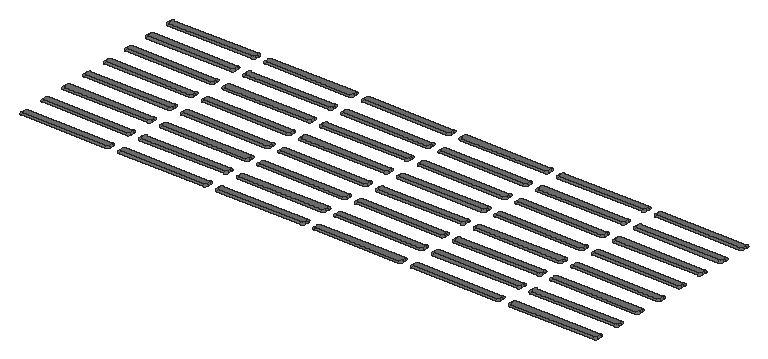
Revit family "Taktila - Oppmerksomhetsfelt - Lang - NCS8000", category Generic Models, host Face, Revit 2023
Family settings
  Host = Face
  Can host rebar = No
  Round Connector Dimension = Use Diameter
  Part Type = Normal
  Cut with Voids When Loaded = No
  Maintain Annotation Orientation = No
  Shared = No
  Room Calculation Point = No
Parameters (values of type "2000mm")
  Width = 2000.0 mm
  Sklisikkerhet [instance] = "R10 (Ihht. DIN 51130-2104)"
  Number_of_Brackets = rounddown(Width / Bracket_Spacing)  # 6
  Mål [instance] = "600xWidth (L: 280mm / B: 30mm / H: 3,6mm - Ø: 30mm / H: 3,6mm)"
  Materiale [instance] = "Resirkulert nylon plast. PA 15%gf"
  Material [instance] = Taktila - Antrasitt Grå
  Innfesting [instance] = "3M™ VHB™ tape"
  Farge [instance] = "NCS 8000-N - Antrasitt Grå"
  EDP [instance] = "Miljødeklarasjon"
  Default Elevation = 0.0 mm
  Bracket_Spacing = 300.0 mm
Types (12, lengths in mm): name | Width | Sklisikkerhet | Number_of_Brackets | Mål | Materiale | Material | Innfesting | Farge | EDP
  2000mm | 2000.0 | "R10 (Ihht. DIN 51130-2104)" | 6 | "600xWidth (L: 280mm / B: 30mm / H: 3,6mm - Ø: 30mm / H: 3,6mm)" | "Resirkulert nylon plast. PA 15%gf" | Taktila - Antrasitt Grå | "3M™ VHB™ tape" | "NCS 8000-N - Antrasitt Grå" | "Miljødeklarasjon"
  1900mm | 1900.0 | "" | 6 | "" | "" | none | "" | "" | ""
  1800mm | 1800.0 | "" | 6 | "" | "" | none | "" | "" | ""
  1700mm | 1700.0 | "" | 5 | "" | "" | none | "" | "" | ""
  1600mm | 1600.0 | "" | 5 | "" | "" | none | "" | "" | ""
  1500mm | 1500.0 | "" | 5 | "" | "" | none | "" | "" | ""
  1400mm | 1400.0 | "" | 4 | "" | "" | none | "" | "" | ""
  1300mm | 1300.0 | "" | 4 | "" | "" | none | "" | "" | ""
  1200mm | 1200.0 | "" | 4 | "" | "" | none | "" | "" | ""
  1100mm | 1100.0 | "" | 3 | "" | "" | none | "" | "" | ""
  1000mm | 1000.0 | "" | 3 | "" | "" | none | "" | "" | ""
  900mm | 900.0 | "" | 3 | "" | "" | none | "" | "" | ""
Reference planes
  plane 1 "Center (Front/Back)": y = 0
  plane 2: z = 0
  plane 3 "Center (Left/Right)": x = 0
Lines and regions (mm)
  reference lines
    curve 1: line (2000, 0, 0) -> (2000, -1580, 0)
Dimensions and locks
  "Width": plane 3 "Center (Left/Right)" to curve 1
  equal spacing: group 1, group 2, group 3, group 4, group 5, group 6  (x3)
  plane 3 "Center (Left/Right)" to nested 9 = 305.0 mm
  aligned and locked: plane 2 to host face
  aligned and locked: level to host face
Automatic sketch dimensions
  host sketch curve to host sketch curve = 2438.4 mm  (x2)
  plane 1 "Center (Front/Back)" to curve 1 = 0.0 mm
  curve 1 to curve 1 = 1580.0 mm
Nested families
  nested 1: "Taktila - Objekt 2 - (Lang 280mm)" at (140, -15, 0), type "Taktila - Objekt 2 - (Lang 280mm)"
  nested 2: "Taktila - Objekt 2 - (Lang 280mm)" at (140, -96.5, 0), type "Taktila - Objekt 2 - (Lang 280mm)"
  nested 3: "Taktila - Objekt 2 - (Lang 280mm)" at (140, -178, 0), type "Taktila - Objekt 2 - (Lang 280mm)"
  nested 4: "Taktila - Objekt 2 - (Lang 280mm)" at (140, -259.5, 0), type "Taktila - Objekt 2 - (Lang 280mm)"
  nested 5: "Taktila - Objekt 2 - (Lang 280mm)" at (140, -341, 0), type "Taktila - Objekt 2 - (Lang 280mm)"
  nested 6: "Taktila - Objekt 2 - (Lang 280mm)" at (140, -422.5, 0), type "Taktila - Objekt 2 - (Lang 280mm)"
  nested 7: "Taktila - Objekt 2 - (Lang 280mm)" at (140, -504, 0), type "Taktila - Objekt 2 - (Lang 280mm)"
  nested 8: "Taktila - Objekt 2 - (Lang 280mm)" at (140, -585.5, 0), type "Taktila - Objekt 2 - (Lang 280mm)"
  nested 9: "Taktila - Objekt 2 - (Lang 280mm)" at (445, -15, 0), type "Taktila - Objekt 2 - (Lang 280mm)"
  nested 10: "Taktila - Objekt 2 - (Lang 280mm)" at (445, -96.5, 0), type "Taktila - Objekt 2 - (Lang 280mm)"
  nested 11: "Taktila - Objekt 2 - (Lang 280mm)" at (445, -178, 0), type "Taktila - Objekt 2 - (Lang 280mm)"
  nested 12: "Taktila - Objekt 2 - (Lang 280mm)" at (445, -259.5, 0), type "Taktila - Objekt 2 - (Lang 280mm)"
  nested 13: "Taktila - Objekt 2 - (Lang 280mm)" at (445, -341, 0), type "Taktila - Objekt 2 - (Lang 280mm)"
  nested 14: "Taktila - Objekt 2 - (Lang 280mm)" at (445, -422.5, 0), type "Taktila - Objekt 2 - (Lang 280mm)"
  nested 15: "Taktila - Objekt 2 - (Lang 280mm)" at (445, -504, 0), type "Taktila - Objekt 2 - (Lang 280mm)"
  nested 16: "Taktila - Objekt 2 - (Lang 280mm)" at (445, -585.5, 0), type "Taktila - Objekt 2 - (Lang 280mm)"
  nested 17: "Taktila - Objekt 2 - (Lang 280mm)" at (750, -15, 0), type "Taktila - Objekt 2 - (Lang 280mm)"
  nested 18: "Taktila - Objekt 2 - (Lang 280mm)" at (750, -96.5, 0), type "Taktila - Objekt 2 - (Lang 280mm)"
  nested 19: "Taktila - Objekt 2 - (Lang 280mm)" at (750, -178, 0), type "Taktila - Objekt 2 - (Lang 280mm)"
  nested 20: "Taktila - Objekt 2 - (Lang 280mm)" at (750, -259.5, 0), type "Taktila - Objekt 2 - (Lang 280mm)"
  nested 21: "Taktila - Objekt 2 - (Lang 280mm)" at (750, -341, 0), type "Taktila - Objekt 2 - (Lang 280mm)"
  nested 22: "Taktila - Objekt 2 - (Lang 280mm)" at (750, -422.5, 0), type "Taktila - Objekt 2 - (Lang 280mm)"
  nested 23: "Taktila - Objekt 2 - (Lang 280mm)" at (750, -504, 0), type "Taktila - Objekt 2 - (Lang 280mm)"
  nested 24: "Taktila - Objekt 2 - (Lang 280mm)" at (750, -585.5, 0), type "Taktila - Objekt 2 - (Lang 280mm)"
  nested 25: "Taktila - Objekt 2 - (Lang 280mm)" at (1055, -15, 0), type "Taktila - Objekt 2 - (Lang 280mm)"
  nested 26: "Taktila - Objekt 2 - (Lang 280mm)" at (1055, -96.5, 0), type "Taktila - Objekt 2 - (Lang 280mm)"
  nested 27: "Taktila - Objekt 2 - (Lang 280mm)" at (1055, -178, 0), type "Taktila - Objekt 2 - (Lang 280mm)"
  nested 28: "Taktila - Objekt 2 - (Lang 280mm)" at (1055, -259.5, 0), type "Taktila - Objekt 2 - (Lang 280mm)"
  nested 29: "Taktila - Objekt 2 - (Lang 280mm)" at (1055, -341, 0), type "Taktila - Objekt 2 - (Lang 280mm)"
  nested 30: "Taktila - Objekt 2 - (Lang 280mm)" at (1055, -422.5, 0), type "Taktila - Objekt 2 - (Lang 280mm)"
  nested 31: "Taktila - Objekt 2 - (Lang 280mm)" at (1055, -504, 0), type "Taktila - Objekt 2 - (Lang 280mm)"
  nested 32: "Taktila - Objekt 2 - (Lang 280mm)" at (1055, -585.5, 0), type "Taktila - Objekt 2 - (Lang 280mm)"
  nested 33: "Taktila - Objekt 2 - (Lang 280mm)" at (1360, -15, 0), type "Taktila - Objekt 2 - (Lang 280mm)"
  nested 34: "Taktila - Objekt 2 - (Lang 280mm)" at (1360, -96.5, 0), type "Taktila - Objekt 2 - (Lang 280mm)"
  nested 35: "Taktila - Objekt 2 - (Lang 280mm)" at (1360, -178, 0), type "Taktila - Objekt 2 - (Lang 280mm)"
  nested 36: "Taktila - Objekt 2 - (Lang 280mm)" at (1360, -259.5, 0), type "Taktila - Objekt 2 - (Lang 280mm)"
  nested 37: "Taktila - Objekt 2 - (Lang 280mm)" at (1360, -341, 0), type "Taktila - Objekt 2 - (Lang 280mm)"
  nested 38: "Taktila - Objekt 2 - (Lang 280mm)" at (1360, -422.5, 0), type "Taktila - Objekt 2 - (Lang 280mm)"
  nested 39: "Taktila - Objekt 2 - (Lang 280mm)" at (1360, -504, 0), type "Taktila - Objekt 2 - (Lang 280mm)"
  nested 40: "Taktila - Objekt 2 - (Lang 280mm)" at (1360, -585.5, 0), type "Taktila - Objekt 2 - (Lang 280mm)"
  nested 41: "Taktila - Objekt 2 - (Lang 280mm)" at (1665, -15, 0), type "Taktila - Objekt 2 - (Lang 280mm)"
  nested 42: "Taktila - Objekt 2 - (Lang 280mm)" at (1665, -96.5, 0), type "Taktila - Objekt 2 - (Lang 280mm)"
  nested 43: "Taktila - Objekt 2 - (Lang 280mm)" at (1665, -178, 0), type "Taktila - Objekt 2 - (Lang 280mm)"
  nested 44: "Taktila - Objekt 2 - (Lang 280mm)" at (1665, -259.5, 0), type "Taktila - Objekt 2 - (Lang 280mm)"
  nested 45: "Taktila - Objekt 2 - (Lang 280mm)" at (1665, -341, 0), type "Taktila - Objekt 2 - (Lang 280mm)"
  nested 46: "Taktila - Objekt 2 - (Lang 280mm)" at (1665, -422.5, 0), type "Taktila - Objekt 2 - (Lang 280mm)"
  nested 47: "Taktila - Objekt 2 - (Lang 280mm)" at (1665, -504, 0), type "Taktila - Objekt 2 - (Lang 280mm)"
  nested 48: "Taktila - Objekt 2 - (Lang 280mm)" at (1665, -585.5, 0), type "Taktila - Objekt 2 - (Lang 280mm)"
Definition of nested family "Taktila - Objekt 2 - (Lang 280mm)"
  Parameters (values of type "Taktila - Objekt 2 - (Lang 280mm)")
    Sklisikkerhet [instance] = "R10 (Ihht. DIN 51130-2104)"
    Materiale [instance] = "Resirkulert nylon plast. PA 15%gf"
    Mål [instance] = "L: 280mm / B: 30mm / H: 3,6mm - Ø: 30mm / H: 3,6mm"
    Material [instance] = none
    Innfesting [instance] = "3M™ VHB™ tape"
    Farge [instance] = "NCS 8000-N - Antrasitt Grå"
    EDP [instance] = "Miljødeklarasjon"
    Default Elevation = 0.0 mm
  Reference planes
    plane 1 "Center (Front/Back)": y = 0
    plane 2: z = 0
    plane 3 "Center (Left/Right)": x = 0
  Forms (mm)
    Blend 1, solid
      base sketch origin (0, 0, 0) x (1, 0, 0) y (0, 1, 0)
        loop
          arc (-130, 15) -> (-137.071, 12.071) -> (-140, 5) r 10
          line (-140, 5) -> (-140, -5)
          arc (-140, -5) -> (-137.071, -12.071) -> (-130, -15) r 10
          line (-130, -15) -> (130, -15)
          arc (130, -15) -> (137.071, -12.071) -> (140, -5) r 10
          line (140, -5) -> (140, 5)
          arc (140, 5) -> (137.071, 12.071) -> (130, 15) r 10
          line (130, 15) -> (-130, 15)
      top sketch origin (0, 0, 0) x (1, 0, 0) y (0, 1, 0)
        loop
          arc (-130, 10) -> (-133.536, 8.536) -> (-135, 5) r 5
          line (-135, 5) -> (-135, -5)
          arc (-135, -5) -> (-133.536, -8.536) -> (-130, -10) r 5
          line (-130, -10) -> (130, -10)
          arc (130, -10) -> (133.536, -8.536) -> (135, -5) r 5
          line (135, -5) -> (135, 5)
          arc (135, 5) -> (133.536, 8.536) -> (130, 10) r 5
          line (130, 10) -> (-130, 10)
      from 0 to 3.6
  Dimensions and locks
    aligned and locked: level to plane 2
